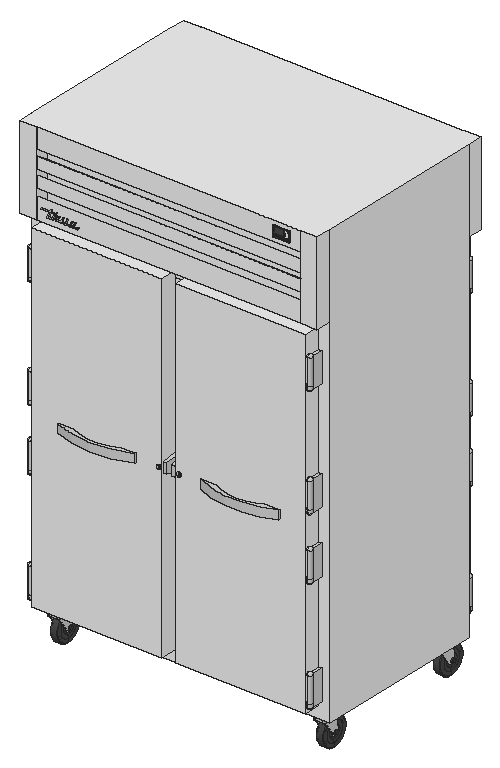
Revit family
Parameters
  Weight in Pounds = 0
  Watts = 3000 W
  Volts = 208 V
  URL Cutsheet = "www.truemfg.com"
  URL = "www.truemfg.com"
  Type Mark [instance] = ""
  Type Comments = ""
  Status [instance] = ""
  Specification by User [instance] = ""
  Specification by Manufacturer = ""
  Show Seismic Flanged [instance] = no
  Show Logo [instance] = yes
  Show Legs [instance] = no
  Show Clearance [instance] = yes
  Serial Number = ""
  Seismic Rating = ""
  Seismic Plate [instance] = and(Show Seismic Flanged, not(Show Casters))  # no
  SMACNA No = ""
  Revision Code [instance] = ""
  Phase = 1
  Omniclass Number and Title = ""
  Number of Poles [instance] = 1
  NAFEM Spec ID Number = ""
  Model = "STR2HPT-2S-2S"
  Min Ckt Ampacity = 0 A
  Max Overcurrent Protection = 0 A
  Masterspec = ""
  Manufacturer = "TRUE FOOD SERVICE EQUIPMENT, INC."
  Length = 52 5/8"
  Legs [instance] = or(Show Legs, Show Seismic Flanged)  # no
  Item Number [instance] = ""
  Installed By [instance] = ""
  Identify Quantity as Lot [instance] = yes
  Height = 77 3/4"
  HP = ""
  Furnished By [instance] = ""
  Foodservice Equipment Identifier [instance] = yes
  FL Amps = Watts / Volts  # 14.4231 A
  Electrical Remarks [instance] = ""
  Electric Connection Type [instance] = ""
  Elec Conn RI Height [instance] = 0"
  Elec Conn Connection Height [instance] = 0"
  Description = "Pass-thru Solid Front/Solid Rear Swing Doors Heated Cabinet"
  Depth = 36 1/8"
  Cycle = 60 Hz
  Conn Plug = "6-15P"
  Conn Conduit = yes
  Show Casters [instance] = and(not(if(Show Legs, Show Legs, Show Legs)), not(if(Show Legs, Show Legs, Show Seismic Flanged)))  # yes
  CSI MasterFormat = ""
  CSI Master Format = ""
  Assembly Code = ""
  Apparent Power = if(Phase = 3, Volts * FL Amps * 1.73, Volts * FL Amps)  # 3000 VA
Reference planes (in)
  plane 1 "BACK": y = 0
  plane 2: z = 0
  plane 3 "LEFT": x = 0
  plane 4 "RIGHT": x = 52.625
  plane 5 "FRONT": y = -36.125
  plane 6 "TOP": z = 84.125
  plane 7: z = 6.125
  plane 8: x = 26.3125
  plane 9: x = 3
  plane 10: x = 49.9375
  plane 11: y = -36.0792
  plane 12: x = 26.3125
  plane 13: y = -0.0458
  plane 14: y = -18.0625
Forms (in)
  Extrusion 1, solid, material "QF_Finishes_Chrome - Satin"
    sketch origin (0.05, 0, 0) x (1, 0, 0) y (0, 1, 0)
      loop
        line (-0.05, -2.75) -> (-0.05, -33.375) -> (2.35625, -33.375) -> (2.35625, -2.75) -> (-0.05, -2.75)
    from 6.125 to 84.125
  Extrusion 2, solid, material "QF_Finishes_Chrome - Satin"
    sketch origin (50.15, 0, 0) x (1, 0, 0) y (0, 1, 0)
      loop
        line (0.225, -2.75) -> (0.225, -33.375) -> (2.475, -33.375) -> (2.475, -2.75) -> (0.225, -2.75)
    from 6.125 to 84.125
  Extrusion 3, solid, material "QF_Finishes_Chrome - Satin"
    sketch origin (0, 0, 0) x (0, 1, 0) y (0, 0, 1)
      loop
        line (-36.0792, 69.5) -> (-33.375, 69.5) -> (-33.375, 66.96875) -> (-2.75, 66.96875) -> (-2.75, 69.5) -> (-0.0458, 69.5) -> (-0.0458, 73.19226) -> (-2.25, 71.625) -> (-2.25, 72.90057) -> (-0.0458, 74.46784) -> (-0.0458, 76.56404) -> (-2.25, 74.99678) -> (-2.25, 75.95754) -> (-0.0458, 77.5248) -> (-0.0458, 79.65851) -> (-2.25, 78.09125) -> (-2.25, 79.21352) -> (-0.0458, 80.78078) -> (-0.0458, 84.125) -> (-36.0792, 84.125) -> (-36.0792, 80.78078) -> (-33.875, 79.21352) -> (-33.875, 78.09125) -> (-36.0792, 79.65851) -> (-36.0792, 77.5248) -> (-33.875, 75.95754) -> (-33.875, 74.99678) -> (-36.0792, 76.56404) -> (-36.0792, 74.46784) -> (-33.875, 72.90057) -> (-33.875, 71.625) -> (-36.0792, 73.19226) -> (-36.0792, 69.5)
      loop
        line (-33.375, 6.125) -> (-2.75, 6.125) -> (-2.75, 9.03125) -> (-33.375, 9.03125) -> (-33.375, 6.125)
    from 2.25 to 50.375
  Extrusion 4, solid, material "QF_Finishes_Chrome - Satin"
    sketch origin (0, 0, 0) x (1, 0, 0) y (0, 1, 0)
      loop
        line (52.54687, -33.375) -> (49.66032, -33.375) -> (49.66032, -36.125) -> (52.54687, -36.125) -> (52.54687, -33.375)
      loop
        line (52.54687, -2.75) -> (52.54687, 0) -> (49.66032, 0) -> (49.66032, -2.75) -> (52.54687, -2.75)
    from 69.5 to 84.125
  Extrusion 5, solid, material "QF_Finishes_Chrome - Satin"
    sketch origin (-50.125, 0, 0.25) x (1, 0, 0) y (0, 1, 0)
      loop
        line (53.20984, -33.375) -> (50.20312, -33.375) -> (50.20312, -36.125) -> (53.20984, -36.125) -> (53.20984, -33.375)
      loop
        line (53.20984, -2.75) -> (53.20984, 0) -> (50.20312, 0) -> (50.20312, -2.75) -> (53.20984, -2.75)
    from 69.25 to 83.875
  Extrusion 6, solid, material "QF_Finishes_Handrails and Railings"
    sketch origin (1.875, -2.375, -2) x (1, 0, 0) y (0, 0, 1)
      loop
        circle (22.76563, 40.0625) r 0.35
      loop
        line (22.73047, 40.33635) -> (22.73047, 39.76895) -> (22.78597, 39.76895) -> (22.78597, 40.33635) -> (22.73047, 40.33635)
      loop
        circle (26.3125, 40.0625) r 0.35
      loop
        line (26.34765, 40.33635) -> (26.29215, 40.33635) -> (26.29215, 39.76895) -> (26.34765, 39.76895) -> (26.34765, 40.33635)
    from 33.5 to 33.83066
  Extrusion 7, solid, material "QF_Finishes_Handrails and Railings", visible <- "Show Logo"
    sketch origin (0.33478, -1.29327, -6.73143) x (1, 0, 0) y (0, 0, 1)
      loop
        line (3.61669, 78.46231) -> (3.51103, 78.23573) -> (4.91652, 78.23573)
        arc (4.91652, 78.23573) -> (4.94504, 78.18528) -> (4.91652, 78.13484) r 0.05887
        line (4.91652, 78.13484) -> (4.54994, 77.34872)
        arc (4.54994, 77.34872) -> (4.54676, 77.27591) -> (4.596, 77.22217) r 0.09523
        line (4.596, 77.22217) -> (5.49469, 77.22217)
        arc (5.49469, 77.22217) -> (5.60817, 77.25795) -> (5.68061, 77.35235) r 0.19785
        line (5.68061, 77.35235) -> (5.9691, 77.97101) -> (6.23415, 77.97101)
        arc (6.23415, 77.97101) -> (6.30369, 77.94543) -> (6.29362, 77.87203) r 0.05911
        line (6.29362, 77.87203) -> (6.05223, 77.35437)
        arc (6.05223, 77.35437) -> (6.05599, 77.2684) -> (6.12856, 77.22217) r 0.09318
        line (6.12856, 77.22217) -> (6.91823, 77.22217)
        arc (6.91823, 77.22217) -> (6.97874, 77.24419) -> (7.01093, 77.29995) r 0.09412
        arc (7.01093, 77.29995) -> (7.03371, 77.24495) -> (7.08871, 77.22217) r 0.07778
        line (7.08871, 77.22217) -> (7.58871, 77.22217)
        arc (7.58871, 77.22217) -> (7.64647, 77.23765) -> (7.68876, 77.27993) r 0.11552
        arc (7.68876, 77.27993) -> (7.709, 77.23106) -> (7.75787, 77.21081) r 0.06912
        line (7.75787, 77.21081) -> (8.4685, 77.21081)
        arc (8.4685, 77.21081) -> (8.52659, 77.23488) -> (8.55066, 77.29297) r 0.08216
        arc (8.55066, 77.29297) -> (8.60392, 77.23972) -> (8.67667, 77.22022) r 0.14551
        line (8.67667, 77.22022) -> (10.00783, 77.22022) -> (10.15571, 77.47634) -> (8.81303, 77.47634)
        arc (8.81303, 77.47634) -> (8.77597, 77.50204) -> (8.77459, 77.54711) r 0.05009
        line (8.77459, 77.54711) -> (8.79782, 77.59692)
        arc (8.79782, 77.59692) -> (8.83348, 77.64364) -> (8.88952, 77.66135) r 0.09747
        line (8.88952, 77.66135) -> (9.3211, 77.66135)
        arc (9.3211, 77.66135) -> (9.41425, 77.68631) -> (9.48244, 77.7545) r 0.1863
        line (9.48244, 77.7545) -> (9.60744, 77.97101)
        arc (9.60744, 77.97101) -> (9.60744, 78.08657) -> (9.50736, 78.14434) r 0.11556
        line (9.50736, 78.14434) -> (9.05187, 78.14434)
        arc (9.05187, 78.14434) -> (8.93575, 78.12462) -> (8.85474, 78.03912) r 0.18605
        line (8.85474, 78.03912) -> (8.63829, 77.57493)
        arc (8.63829, 77.57493) -> (8.5744, 77.49167) -> (8.47431, 77.46011) r 0.1745
        line (8.47431, 77.46011) -> (8.00184, 77.46011)
        arc (8.00184, 77.46011) -> (7.94528, 77.52184) -> (7.94893, 77.60548) r 0.10939
        line (7.94893, 77.60548) -> (8.2002, 78.14434) -> (8.04028, 78.14434) -> (7.77406, 77.57344)
        arc (7.77406, 77.57344) -> (7.72234, 77.50603) -> (7.6413, 77.48048) r 0.14128
        line (7.6413, 77.48048) -> (7.3155, 77.48048)
        arc (7.3155, 77.48048) -> (7.26044, 77.55223) -> (7.27225, 77.64189) r 0.11816
        line (7.27225, 77.64189) -> (7.50655, 78.14434) -> (7.34139, 78.14434) -> (7.07171, 77.566)
        arc (7.07171, 77.566) -> (7.0091, 77.50339) -> (6.92358, 77.48048) r 0.17104
        line (6.92358, 77.48048) -> (6.4518, 77.48048)
        arc (6.4518, 77.48048) -> (6.36707, 77.51999) -> (6.35892, 77.61313) r 0.0935
        line (6.35892, 77.61313) -> (6.51399, 77.94569) -> (6.7332, 77.94569)
        arc (6.7332, 77.94569) -> (6.7702, 78.05717) -> (6.84892, 78.14434) r 0.2857
        line (6.84892, 78.14434) -> (5.9923, 78.14434)
        arc (5.9923, 78.14434) -> (5.89711, 78.12324) -> (5.83123, 78.05135) r 0.16212
        line (5.83123, 78.05135) -> (5.59904, 77.55341)
        arc (5.59904, 77.55341) -> (5.54565, 77.50002) -> (5.47272, 77.48048) r 0.14586
        line (5.47272, 77.48048) -> (4.96131, 77.48048)
        arc (4.96131, 77.48048) -> (4.92139, 77.53442) -> (4.92899, 77.60109) r 0.09155
        line (4.92899, 77.60109) -> (5.26643, 78.23573) -> (6.1178, 78.23573) -> (6.22346, 78.46231) -> (5.37209, 78.46231) -> (5.47774, 78.68888) -> (5.17487, 78.68888) -> (5.06922, 78.46231) -> (3.61669, 78.46231)
      loop
        arc (8.9943, 77.93863) -> (8.95744, 77.92875) -> (8.93045, 77.90176) r 0.07373
        line (8.93045, 77.90176) -> (8.90854, 77.83436)
        arc (8.90854, 77.83436) -> (8.9187, 77.80983) -> (8.94324, 77.79966) r 0.0347
        line (8.94324, 77.79966) -> (9.31573, 77.79966)
        arc (9.31573, 77.79966) -> (9.34257, 77.80561) -> (9.36437, 77.82234) r 0.0635
        line (9.36437, 77.82234) -> (9.38249, 77.90622)
        arc (9.38249, 77.90622) -> (9.37716, 77.92868) -> (9.35634, 77.93863) r 0.02676
        line (9.35634, 77.93863) -> (8.9943, 77.93863)
    from 34.76797 to 34.83173
  Extrusion 8, solid
    sketch origin (0, 0, 0) x (1, 0, 0) y (0, 0, 1)
      loop
        circle (49.53125, 82) r 0.25
    from 0 to 0.0625
  Blend 9, solid, material "QF_Finishes_Handrails and Railings"
    base sketch origin (-0.14063, -2.375, 0) x (1, 0, 0) y (0, 0, 1)
      loop
        line (25.32813, 38.99169) -> (25.32813, 37.24169) -> (26.07813, 37.24169) -> (26.07813, 38.99169) -> (25.32813, 38.99169)
    top sketch origin (-0.14063, 0, 0) x (1, 0, 0) y (0, 0, 1)
      loop
        line (26.26036, 36.6441) -> (26.26036, 39.42643) -> (25.32813, 39.42643) -> (25.32813, 36.6441) -> (26.26036, 36.6441)
    from 33.57883 to 33.375
  Blend 10, solid, material "QF_Finishes_Handrails and Railings"
    base sketch origin (52.84375, -2.375, 0) x (-1, 0, 0) y (0, 0, -1)
      loop
        line (25.25, -38.99169) -> (26, -38.99169) -> (26, -37.24169) -> (25.25, -37.24169) -> (25.25, -38.99169)
    top sketch origin (52.84375, 0, 0) x (-1, 0, 0) y (0, 0, -1)
      loop
        line (26.18223, -36.6441) -> (25.25, -36.6441) -> (25.25, -39.42643) -> (26.18223, -39.42643) -> (26.18223, -36.6441)
    from 33.57883 to 33.375
  Extrusion 11, solid, material "QF_Finishes_Handrails and Railings"
    sketch origin (1.09375, 0, 0) x (0, 1, 0) y (0, 0, 1)
      loop
        line (-33.375, 64.55229) -> (-34.98544, 64.55229)
        arc (-34.98544, 64.55229) -> (-35.13006, 64.49238) -> (-35.18997, 64.34776) r 0.20453
        line (-35.18997, 64.34776) -> (-35.18997, 59.94848) -> (-35.625, 59.94848) -> (-35.625, 59.23627) -> (-33.375, 59.23627) -> (-33.375, 64.55229)
    from 0.17506 to 1
  Revolve 12, solid, material "QF_Finishes_Handrails and Railings"
    sketch origin (1.59375, 0, 0) x (0, 1, 0) y (0, 0, 1)
      loop
        line (-35.64063, 60.00189) -> (-35.64063, 64.81483)
        arc (-35.64063, 64.81483) -> (-35.91222, 64.72557) -> (-36.04729, 64.4736) r 0.3848
        line (-36.04729, 64.4736) -> (-36.04729, 60.00189) -> (-35.64063, 60.00189)
      loop
        line (-35.64063, 59.94848) -> (-36.04729, 59.94848) -> (-36.04729, 59.37712)
        arc (-36.04729, 59.37712) -> (-35.90764, 59.13383) -> (-35.64063, 59.04781) r 0.38884
        line (-35.64063, 59.04781) -> (-35.64063, 59.94848)
      axis (-35.64063, 59.04781) -> (-35.64063, 64.81483)
    angle from 0 to 360
  Extrusion 13, solid, material "QF_Finishes_Handrails and Railings"
    sketch origin (-0.21875, -2.375, 0) x (1, 0, 0) y (0, 0, 1)
      loop
        line (2.07116, 64.4736) -> (2.07116, 60.00079) -> (2.46875, 60.00079) -> (2.46875, 64.4736) -> (2.07116, 64.4736)
    from 32.81497 to 33.59495
  Extrusion 14, solid, material "QF_Finishes_Handrails and Railings"
    sketch origin (1.09375, 0, -19.5) x (0, 1, 0) y (0, 0, 1)
      loop
        line (-33.375, 64.55229) -> (-34.98544, 64.55229)
        arc (-34.98544, 64.55229) -> (-35.13006, 64.49238) -> (-35.18997, 64.34776) r 0.20453
        line (-35.18997, 64.34776) -> (-35.18997, 59.94848) -> (-35.625, 59.94848) -> (-35.625, 59.23627) -> (-33.375, 59.23627) -> (-33.375, 64.55229)
    from 0.17506 to 1
  Revolve 15, solid, material "QF_Finishes_Handrails and Railings"
    sketch origin (1.59375, 0, -19.5) x (0, 1, 0) y (0, 0, 1)
      loop
        line (-35.64063, 60.00189) -> (-35.64063, 64.81483)
        arc (-35.64063, 64.81483) -> (-35.91222, 64.72557) -> (-36.04729, 64.4736) r 0.3848
        line (-36.04729, 64.4736) -> (-36.04729, 60.00189) -> (-35.64063, 60.00189)
      loop
        line (-35.64063, 59.94848) -> (-36.04729, 59.94848) -> (-36.04729, 59.37712)
        arc (-36.04729, 59.37712) -> (-35.90764, 59.13383) -> (-35.64063, 59.04781) r 0.38884
        line (-35.64063, 59.04781) -> (-35.64063, 59.94848)
      axis (-35.64063, 59.04781) -> (-35.64063, 64.81483)
    angle from 0 to 360
  Extrusion 16, solid, material "QF_Finishes_Handrails and Railings"
    sketch origin (-0.21875, -2.375, -19.5) x (1, 0, 0) y (0, 0, 1)
      loop
        line (2.07116, 64.4736) -> (2.07116, 60.00079) -> (2.46875, 60.00079) -> (2.46875, 64.4736) -> (2.07116, 64.4736)
    from 32.81497 to 33.59495
  Extrusion 17, solid, material "QF_Finishes_Handrails and Railings"
    sketch origin (1.09375, 0, -30.5) x (0, 1, 0) y (0, 0, 1)
      loop
        line (-33.375, 64.55229) -> (-34.98544, 64.55229)
        arc (-34.98544, 64.55229) -> (-35.13006, 64.49238) -> (-35.18997, 64.34776) r 0.20453
        line (-35.18997, 64.34776) -> (-35.18997, 59.94848) -> (-35.625, 59.94848) -> (-35.625, 59.23627) -> (-33.375, 59.23627) -> (-33.375, 64.55229)
    from 0.17506 to 1
  Revolve 18, solid, material "QF_Finishes_Handrails and Railings"
    sketch origin (1.59375, 0, -30.5) x (0, 1, 0) y (0, 0, 1)
      loop
        line (-35.64063, 60.00189) -> (-35.64063, 64.81483)
        arc (-35.64063, 64.81483) -> (-35.91222, 64.72557) -> (-36.04729, 64.4736) r 0.3848
        line (-36.04729, 64.4736) -> (-36.04729, 60.00189) -> (-35.64063, 60.00189)
      loop
        line (-35.64063, 59.94848) -> (-36.04729, 59.94848) -> (-36.04729, 59.37712)
        arc (-36.04729, 59.37712) -> (-35.90764, 59.13383) -> (-35.64063, 59.04781) r 0.38884
        line (-35.64063, 59.04781) -> (-35.64063, 59.94848)
      axis (-35.64063, 59.04781) -> (-35.64063, 64.81483)
    angle from 0 to 360
  Extrusion 19, solid, material "QF_Finishes_Handrails and Railings"
    sketch origin (-0.21875, -2.375, -30.5) x (1, 0, 0) y (0, 0, 1)
      loop
        line (2.07116, 64.4736) -> (2.07116, 60.00079) -> (2.46875, 60.00079) -> (2.46875, 64.4736) -> (2.07116, 64.4736)
    from 32.81497 to 33.59495
  Extrusion 20, solid, material "QF_Finishes_Handrails and Railings"
    sketch origin (1.09375, 0, -50.25) x (0, 1, 0) y (0, 0, 1)
      loop
        line (-33.375, 64.55229) -> (-34.98544, 64.55229)
        arc (-34.98544, 64.55229) -> (-35.13006, 64.49238) -> (-35.18997, 64.34776) r 0.20453
        line (-35.18997, 64.34776) -> (-35.18997, 59.94848) -> (-35.625, 59.94848) -> (-35.625, 59.23627) -> (-33.375, 59.23627) -> (-33.375, 64.55229)
    from 0.17506 to 1
  Revolve 21, solid, material "QF_Finishes_Handrails and Railings"
    sketch origin (1.59375, 0, -50.25) x (0, 1, 0) y (0, 0, 1)
      loop
        line (-35.64063, 60.00189) -> (-35.64063, 64.81483)
        arc (-35.64063, 64.81483) -> (-35.91222, 64.72557) -> (-36.04729, 64.4736) r 0.3848
        line (-36.04729, 64.4736) -> (-36.04729, 60.00189) -> (-35.64063, 60.00189)
      loop
        line (-35.64063, 59.94848) -> (-36.04729, 59.94848) -> (-36.04729, 59.37712)
        arc (-36.04729, 59.37712) -> (-35.90764, 59.13383) -> (-35.64063, 59.04781) r 0.38884
        line (-35.64063, 59.04781) -> (-35.64063, 59.94848)
      axis (-35.64063, 59.04781) -> (-35.64063, 64.81483)
    angle from 0 to 360
  Extrusion 22, solid, material "QF_Finishes_Handrails and Railings"
    sketch origin (-0.21875, -2.375, -50.25) x (1, 0, 0) y (0, 0, 1)
      loop
        line (2.07116, 64.4736) -> (2.07116, 60.00079) -> (2.46875, 60.00079) -> (2.46875, 64.4736) -> (2.07116, 64.4736)
    from 32.81497 to 33.59495
  Extrusion 23, solid, material "QF_Finishes_Handrails and Railings"
    sketch origin (51.375, 0, 0) x (0, 1, 0) y (0, 0, -1)
      loop
        line (-33.375, -64.55229) -> (-33.375, -59.23627) -> (-35.625, -59.23627) -> (-35.625, -59.94848) -> (-35.18997, -59.94848) -> (-35.18997, -64.34776)
        arc (-35.18997, -64.34776) -> (-35.13006, -64.49238) -> (-34.98544, -64.55229) r 0.20453
        line (-34.98544, -64.55229) -> (-33.375, -64.55229)
    from 0.17506 to 1
  Revolve 24, solid, material "QF_Finishes_Handrails and Railings"
    sketch origin (50.875, 0, 0) x (0, 1, 0) y (0, 0, -1)
      loop
        line (-35.64063, -60.00189) -> (-36.04729, -60.00189) -> (-36.04729, -64.4736)
        arc (-36.04729, -64.4736) -> (-35.91222, -64.72557) -> (-35.64063, -64.81483) r 0.3848
        line (-35.64063, -64.81483) -> (-35.64063, -60.00189)
      loop
        line (-35.64063, -59.94848) -> (-35.64063, -59.04781)
        arc (-35.64063, -59.04781) -> (-35.90764, -59.13383) -> (-36.04729, -59.37712) r 0.38884
        line (-36.04729, -59.37712) -> (-36.04729, -59.94848) -> (-35.64063, -59.94848)
      axis (-35.64063, -59.04781) -> (-35.64063, -64.81483)
    angle from 0 to 360
  Extrusion 25, solid, material "QF_Finishes_Handrails and Railings"
    sketch origin (52.6875, -2.375, 0) x (-1, 0, 0) y (0, 0, -1)
      loop
        line (1.75866, -64.4736) -> (2.15625, -64.4736) -> (2.15625, -60.00079) -> (1.75866, -60.00079) -> (1.75866, -64.4736)
    from 32.81497 to 33.59495
  Extrusion 26, solid, material "QF_Finishes_Handrails and Railings"
    sketch origin (51.375, 0, -19.5) x (0, 1, 0) y (0, 0, -1)
      loop
        line (-33.375, -64.55229) -> (-33.375, -59.23627) -> (-35.625, -59.23627) -> (-35.625, -59.94848) -> (-35.18997, -59.94848) -> (-35.18997, -64.34776)
        arc (-35.18997, -64.34776) -> (-35.13006, -64.49238) -> (-34.98544, -64.55229) r 0.20453
        line (-34.98544, -64.55229) -> (-33.375, -64.55229)
    from 0.17506 to 1
  Revolve 27, solid, material "QF_Finishes_Handrails and Railings"
    sketch origin (50.875, 0, -19.5) x (0, 1, 0) y (0, 0, -1)
      loop
        line (-35.64063, -60.00189) -> (-36.04729, -60.00189) -> (-36.04729, -64.4736)
        arc (-36.04729, -64.4736) -> (-35.91222, -64.72557) -> (-35.64063, -64.81483) r 0.3848
        line (-35.64063, -64.81483) -> (-35.64063, -60.00189)
      loop
        line (-35.64063, -59.94848) -> (-35.64063, -59.04781)
        arc (-35.64063, -59.04781) -> (-35.90764, -59.13383) -> (-36.04729, -59.37712) r 0.38884
        line (-36.04729, -59.37712) -> (-36.04729, -59.94848) -> (-35.64063, -59.94848)
      axis (-35.64063, -59.04781) -> (-35.64063, -64.81483)
    angle from 0 to 360
  Extrusion 28, solid, material "QF_Finishes_Handrails and Railings"
    sketch origin (52.6875, -2.375, -19.5) x (-1, 0, 0) y (0, 0, -1)
      loop
        line (1.75866, -64.4736) -> (2.15625, -64.4736) -> (2.15625, -60.00079) -> (1.75866, -60.00079) -> (1.75866, -64.4736)
    from 32.81497 to 33.59495
  Extrusion 29, solid, material "QF_Finishes_Handrails and Railings"
    sketch origin (51.375, 0, -30.5) x (0, 1, 0) y (0, 0, -1)
      loop
        line (-33.375, -64.55229) -> (-33.375, -59.23627) -> (-35.625, -59.23627) -> (-35.625, -59.94848) -> (-35.18997, -59.94848) -> (-35.18997, -64.34776)
        arc (-35.18997, -64.34776) -> (-35.13006, -64.49238) -> (-34.98544, -64.55229) r 0.20453
        line (-34.98544, -64.55229) -> (-33.375, -64.55229)
    from 0.17506 to 1
  Revolve 30, solid, material "QF_Finishes_Handrails and Railings"
    sketch origin (50.875, 0, -30.5) x (0, 1, 0) y (0, 0, -1)
      loop
        line (-35.64063, -60.00189) -> (-36.04729, -60.00189) -> (-36.04729, -64.4736)
        arc (-36.04729, -64.4736) -> (-35.91222, -64.72557) -> (-35.64063, -64.81483) r 0.3848
        line (-35.64063, -64.81483) -> (-35.64063, -60.00189)
      loop
        line (-35.64063, -59.94848) -> (-35.64063, -59.04781)
        arc (-35.64063, -59.04781) -> (-35.90764, -59.13383) -> (-36.04729, -59.37712) r 0.38884
        line (-36.04729, -59.37712) -> (-36.04729, -59.94848) -> (-35.64063, -59.94848)
      axis (-35.64063, -59.04781) -> (-35.64063, -64.81483)
    angle from 0 to 360
  Extrusion 31, solid, material "QF_Finishes_Handrails and Railings"
    sketch origin (52.6875, -2.375, -30.5) x (-1, 0, 0) y (0, 0, -1)
      loop
        line (1.75866, -64.4736) -> (2.15625, -64.4736) -> (2.15625, -60.00079) -> (1.75866, -60.00079) -> (1.75866, -64.4736)
    from 32.81497 to 33.59495
  Extrusion 32, solid, material "QF_Finishes_Handrails and Railings"
    sketch origin (51.375, 0, -50.25) x (0, 1, 0) y (0, 0, -1)
      loop
        line (-33.375, -64.55229) -> (-33.375, -59.23627) -> (-35.625, -59.23627) -> (-35.625, -59.94848) -> (-35.18997, -59.94848) -> (-35.18997, -64.34776)
        arc (-35.18997, -64.34776) -> (-35.13006, -64.49238) -> (-34.98544, -64.55229) r 0.20453
        line (-34.98544, -64.55229) -> (-33.375, -64.55229)
    from 0.17506 to 1
  Revolve 33, solid, material "QF_Finishes_Handrails and Railings"
    sketch origin (50.875, 0, -50.25) x (0, 1, 0) y (0, 0, -1)
      loop
        line (-35.64063, -60.00189) -> (-36.04729, -60.00189) -> (-36.04729, -64.4736)
        arc (-36.04729, -64.4736) -> (-35.91222, -64.72557) -> (-35.64063, -64.81483) r 0.3848
        line (-35.64063, -64.81483) -> (-35.64063, -60.00189)
      loop
        line (-35.64063, -59.94848) -> (-35.64063, -59.04781)
        arc (-35.64063, -59.04781) -> (-35.90764, -59.13383) -> (-36.04729, -59.37712) r 0.38884
        line (-36.04729, -59.37712) -> (-36.04729, -59.94848) -> (-35.64063, -59.94848)
      axis (-35.64063, -59.04781) -> (-35.64063, -64.81483)
    angle from 0 to 360
  Extrusion 34, solid, material "QF_Finishes_Handrails and Railings"
    sketch origin (52.6875, -2.375, -50.25) x (-1, 0, 0) y (0, 0, -1)
      loop
        line (1.75866, -64.4736) -> (2.15625, -64.4736) -> (2.15625, -60.00079) -> (1.75866, -60.00079) -> (1.75866, -64.4736)
    from 32.81497 to 33.59495
  Revolve 35, solid, material "QF_Finishes_Black", visible <- "Show Casters"
    sketch origin (47.78125, -29.75, 0) x (1, 0, 0) y (0, 0, 1)
      loop
        line (1.63125, 5) -> (1.53125, 4.9) -> (1.53125, 4.29941) -> (1.69226, 4.29941) -> (1.69226, 3.54941) -> (1.53125, 3.54941) -> (1.53125, 2.79941) -> (1.13125, 2.79941) -> (1.13125, 2.5) -> (3.18125, 2.5) -> (3.18125, 2.79941) -> (2.78533, 2.79941) -> (2.78533, 3.54941) -> (2.62024, 3.54941) -> (2.62024, 4.29941) -> (2.78533, 4.29941) -> (2.78533, 4.89592) -> (2.68125, 5) -> (1.63125, 5)
      axis (3.18125, 2.5) -> (1.13125, 2.5)
    angle from 0 to 360
  Extrusion 36, solid, material "QF_Finishes_Handrails and Railings", visible <- "Show Casters"
    sketch origin (47.78125, 0, 0) x (0, 1, 0) y (0, 0, 1)
      loop
        line (-32.32636, 5.48574) -> (-32.32636, 4.88089) -> (-32.07636, 4.88089) -> (-30.32716, 2.18736)
        arc (-30.32716, 2.18736) -> (-29.61383, 1.94868) -> (-29.22081, 2.59003) r 0.60416
        line (-29.22081, 2.59003) -> (-29.57636, 5.48574) -> (-32.32636, 5.48574)
      loop
        line (-6.6077, 5.48574) -> (-6.6077, 4.88089) -> (-6.3577, 4.88089) -> (-4.6085, 2.18736)
        arc (-4.6085, 2.18736) -> (-3.89517, 1.94868) -> (-3.50215, 2.59003) r 0.60416
        line (-3.50215, 2.59003) -> (-3.8577, 5.48574) -> (-6.6077, 5.48574)
    from 1.175 to 1.325
  Extrusion 37, solid, material "QF_Finishes_Handrails and Railings", visible <- "Show Casters"
    sketch origin (49.28125, 0, 0) x (0, 1, 0) y (0, 0, 1)
      loop
        line (-32.32636, 5.48574) -> (-32.32636, 4.88089) -> (-32.07636, 4.88089) -> (-30.32716, 2.18736)
        arc (-30.32716, 2.18736) -> (-29.61383, 1.94868) -> (-29.22081, 2.59003) r 0.60416
        line (-29.22081, 2.59003) -> (-29.57636, 5.48574) -> (-32.32636, 5.48574)
      loop
        line (-6.6077, 5.48574) -> (-6.6077, 4.88089) -> (-6.3577, 4.88089) -> (-4.6085, 2.18736)
        arc (-4.6085, 2.18736) -> (-3.89517, 1.94868) -> (-3.50215, 2.59003) r 0.60416
        line (-3.50215, 2.59003) -> (-3.8577, 5.48574) -> (-6.6077, 5.48574)
    from 1.175 to 1.325
  Revolve 38, solid, material "QF_Finishes_Chrome - Satin", visible <- "Show Casters"
    sketch origin (47.78125, -30.9375, -0.5) x (1, 0, 0) y (0, 0, 1)
      loop
        line (2.15625, 5.99546) -> (2.15625, 6.62359) -> (0.85918, 6.62359) -> (0.85918, 5.99546) -> (2.15625, 5.99546)
      axis (2.15625, 5.99546) -> (2.15625, 6.62359)
    angle from 0 to 360
  Revolve 39, solid, material "QF_Finishes_Chrome - Satin", visible <- "Legs"
    sketch origin (47.78125, -5.44102, 0) x (1, 0, 0) y (0, 0, 1)
      loop
        line (2.15625, 6.125) -> (0.82287, 6.125) -> (1.40625, 1) -> (1.65625, 1) -> (1.65625, 0) -> (2.15625, 0) -> (2.15625, 6.125)
      axis (2.15625, 0) -> (2.15625, 6.125)
    angle from 0 to 360
  Revolve 40, solid, material "QF_Finishes_Chrome - Satin", visible <- "Legs"
    sketch origin (47.78125, -31.03477, 0) x (1, 0, 0) y (0, 0, 1)
      loop
        line (2.15625, 6.125) -> (0.82287, 6.125) -> (1.40625, 1) -> (1.65625, 1) -> (1.65625, 0) -> (2.15625, 0) -> (2.15625, 6.125)
      axis (2.15625, 0) -> (2.15625, 6.125)
    angle from 0 to 360
  Revolve 41, solid, material "QF_Finishes_Chrome - Satin", visible <- "Show Casters"
    sketch origin (47.78125, -5.45321, -0.5) x (1, 0, 0) y (0, 0, 1)
      loop
        line (2.15625, 5.99546) -> (2.15625, 6.62359) -> (0.85918, 6.62359) -> (0.85918, 5.99546) -> (2.15625, 5.99546)
      axis (2.15625, 5.99546) -> (2.15625, 6.62359)
    angle from 0 to 360
  Extrusion 42, solid, material "QF_Finishes_Handrails and Railings", visible <- "Show Casters"
    sketch origin (0, 0, 0) x (0, 1, 0) y (0, 0, 1)
      loop
        line (-32.32636, 5.48574) -> (-32.32636, 4.88089) -> (-32.07636, 4.88089) -> (-29.54033, 5.19227) -> (-29.57636, 5.48574) -> (-32.32636, 5.48574)
      loop
        line (-6.6077, 5.48574) -> (-6.6077, 4.88089) -> (-6.3577, 4.88089) -> (-3.82167, 5.19227) -> (-3.8577, 5.48574) -> (-6.6077, 5.48574)
    from 49.10625 to 50.45625
  Revolve 43, solid, material "QF_Finishes_Black", visible <- "Show Casters"
    sketch origin (47.78125, -3.96875, 0) x (1, 0, 0) y (0, 0, 1)
      loop
        line (1.63125, 5) -> (1.53125, 4.9) -> (1.53125, 4.29941) -> (1.69226, 4.29941) -> (1.69226, 3.54941) -> (1.53125, 3.54941) -> (1.53125, 2.79941) -> (1.13125, 2.79941) -> (1.13125, 2.5) -> (3.18125, 2.5) -> (3.18125, 2.79941) -> (2.78533, 2.79941) -> (2.78533, 3.54941) -> (2.62024, 3.54941) -> (2.62024, 4.29941) -> (2.78533, 4.29941) -> (2.78533, 4.89592) -> (2.68125, 5) -> (1.63125, 5)
      axis (3.18125, 2.5) -> (1.13125, 2.5)
    angle from 0 to 360
  Revolve 44, solid, material "QF_Finishes_Black", visible <- "Show Casters"
    sketch origin (0.84375, -29.75, 0) x (1, 0, 0) y (0, 0, 1)
      loop
        line (1.63125, 5) -> (1.53125, 4.9) -> (1.53125, 4.29941) -> (1.69226, 4.29941) -> (1.69226, 3.54941) -> (1.53125, 3.54941) -> (1.53125, 2.79941) -> (0.975, 2.79941) -> (0.975, 2.5) -> (3.18125, 2.5) -> (3.18125, 2.79941) -> (2.78533, 2.79941) -> (2.78533, 3.54941) -> (2.62024, 3.54941) -> (2.62024, 4.29941) -> (2.78533, 4.29941) -> (2.78533, 4.89592) -> (2.68125, 5) -> (1.63125, 5)
      axis (3.18125, 2.5) -> (0.975, 2.5)
    angle from 0 to 360
  Extrusion 45, solid, material "QF_Finishes_Handrails and Railings", visible <- "Show Casters"
    sketch origin (0.84375, 0, 0) x (0, 1, 0) y (0, 0, 1)
      loop
        line (-32.32636, 5.48574) -> (-32.32636, 4.88089) -> (-32.07636, 4.88089) -> (-30.32716, 2.18736)
        arc (-30.32716, 2.18736) -> (-29.61383, 1.94868) -> (-29.22081, 2.59003) r 0.60416
        line (-29.22081, 2.59003) -> (-29.57636, 5.48574) -> (-32.32636, 5.48574)
      loop
        line (-6.6077, 5.48574) -> (-6.6077, 4.88089) -> (-6.3577, 4.88089) -> (-4.6085, 2.18736)
        arc (-4.6085, 2.18736) -> (-3.89517, 1.94868) -> (-3.50215, 2.59003) r 0.60416
        line (-3.50215, 2.59003) -> (-3.8577, 5.48574) -> (-6.6077, 5.48574)
    from 1.175 to 1.325
  Extrusion 46, solid, material "QF_Finishes_Handrails and Railings", visible <- "Show Casters"
    sketch origin (2.34375, 0, 0) x (0, 1, 0) y (0, 0, 1)
      loop
        line (-32.32636, 5.48574) -> (-32.32636, 4.88089) -> (-32.07636, 4.88089) -> (-30.32716, 2.18736)
        arc (-30.32716, 2.18736) -> (-29.61383, 1.94868) -> (-29.22081, 2.59003) r 0.60416
        line (-29.22081, 2.59003) -> (-29.57636, 5.48574) -> (-32.32636, 5.48574)
      loop
        line (-6.6077, 5.48574) -> (-6.6077, 4.88089) -> (-6.3577, 4.88089) -> (-4.6085, 2.18736)
        arc (-4.6085, 2.18736) -> (-3.89517, 1.94868) -> (-3.50215, 2.59003) r 0.60416
        line (-3.50215, 2.59003) -> (-3.8577, 5.48574) -> (-6.6077, 5.48574)
    from 1.175 to 1.325
  Revolve 47, solid, material "QF_Finishes_Chrome - Satin", visible <- "Show Casters"
    sketch origin (0.84375, -30.9375, -0.5) x (1, 0, 0) y (0, 0, 1)
      loop
        line (2.15625, 5.99546) -> (2.15625, 6.62359) -> (0.85918, 6.62359) -> (0.85918, 5.99546) -> (2.15625, 5.99546)
      axis (2.15625, 5.99546) -> (2.15625, 6.62359)
    angle from 0 to 360
  Revolve 48, solid, material "QF_Finishes_Chrome - Satin", visible <- "Legs"
    sketch origin (0.84375, -5.44102, 0) x (1, 0, 0) y (0, 0, 1)
      loop
        line (2.15625, 6.125) -> (0.82287, 6.125) -> (1.40625, 1) -> (1.65625, 1) -> (1.65625, 0) -> (2.15625, 0) -> (2.15625, 6.125)
      axis (2.15625, 0) -> (2.15625, 6.125)
    angle from 0 to 360
  Revolve 49, solid, material "QF_Finishes_Chrome - Satin", visible <- "Legs"
    sketch origin (0.84375, -31.03477, 0) x (1, 0, 0) y (0, 0, 1)
      loop
        line (2.15625, 6.125) -> (0.82287, 6.125) -> (1.40625, 1) -> (1.65625, 1) -> (1.65625, 0) -> (2.15625, 0) -> (2.15625, 6.125)
      axis (2.15625, 0) -> (2.15625, 6.125)
    angle from 0 to 360
  Revolve 50, solid, material "QF_Finishes_Chrome - Satin", visible <- "Show Casters"
    sketch origin (0.84375, -5.45321, -0.5) x (1, 0, 0) y (0, 0, 1)
      loop
        line (2.15625, 5.99546) -> (2.15625, 6.62359) -> (0.85918, 6.62359) -> (0.85918, 5.99546) -> (2.15625, 5.99546)
      axis (2.15625, 5.99546) -> (2.15625, 6.62359)
    angle from 0 to 360
  Extrusion 51, solid, material "QF_Finishes_Handrails and Railings", visible <- "Show Casters"
    sketch origin (-46.9375, 0, 0) x (0, 1, 0) y (0, 0, 1)
      loop
        line (-32.32636, 5.48574) -> (-32.32636, 4.88089) -> (-32.07636, 4.88089) -> (-29.54033, 5.19227) -> (-29.57636, 5.48574) -> (-32.32636, 5.48574)
      loop
        line (-6.6077, 5.48574) -> (-6.6077, 4.88089) -> (-6.3577, 4.88089) -> (-3.82167, 5.19227) -> (-3.8577, 5.48574) -> (-6.6077, 5.48574)
    from 49.10625 to 50.45625
  Revolve 52, solid, material "QF_Finishes_Black", visible <- "Show Casters"
    sketch origin (0.84375, -3.96875, 0) x (1, 0, 0) y (0, 0, 1)
      loop
        line (1.63125, 5) -> (1.53125, 4.9) -> (1.53125, 4.29941) -> (1.69226, 4.29941) -> (1.69226, 3.54941) -> (1.53125, 3.54941) -> (1.53125, 2.79941) -> (0.975, 2.79941) -> (0.975, 2.5) -> (3.18125, 2.5) -> (3.18125, 2.79941) -> (2.78533, 2.79941) -> (2.78533, 3.54941) -> (2.62024, 3.54941) -> (2.62024, 4.29941) -> (2.78533, 4.29941) -> (2.78533, 4.89592) -> (2.68125, 5) -> (1.63125, 5)
      axis (3.18125, 2.5) -> (0.975, 2.5)
    angle from 0 to 360
  Extrusion 53, solid, material "QF_Finishes_White"
    sketch origin (1.49925, -1.31123, 1.58022) x (1, 0, 0) y (0, 0, 1)
      loop
        line (43.31732, 81.73227) -> (43.31732, 79.98496) -> (46.22357, 79.98496) -> (46.22357, 81.73227) -> (43.31732, 81.73227)
    from 34.75 to 34.76797
  Extrusion 54, solid, material "QF_Finishes_Black"
    sketch origin (1.49925, -1.31123, 1.58022) x (1, 0, 0) y (0, 0, 1)
      loop
        line (46.28607, 81.79477) -> (43.25482, 81.79477) -> (43.25482, 79.92246) -> (46.28607, 79.92246) -> (46.28607, 81.79477)
      loop
        spline (43.45482, 80.25372) -> (43.46333, 80.23754) -> (43.48831, 80.22247) -> (43.52804, 80.20952) -> (43.57982, 80.19959) -> (43.64011, 80.19335) -> (43.70482, 80.19122) -> (43.76952, 80.19335) -> (43.82982, 80.19959) -> (43.88159, 80.20952) -> (43.92132, 80.22247) -> (43.9463, 80.23754) -> (43.95482, 80.25372)
        spline (43.95482, 80.25372) -> (43.9463, 80.26989) -> (43.92132, 80.28497) -> (43.88159, 80.29791) -> (43.82982, 80.30784) -> (43.76952, 80.31409) -> (43.70482, 80.31622) -> (43.64011, 80.31409) -> (43.57982, 80.30784) -> (43.52804, 80.29791) -> (43.48831, 80.28497) -> (43.46333, 80.26989) -> (43.45482, 80.25372)
      loop
        spline (44.15083, 80.25372) -> (44.15935, 80.23754) -> (44.18432, 80.22247) -> (44.22405, 80.20952) -> (44.27583, 80.19959) -> (44.33612, 80.19335) -> (44.40083, 80.19122) -> (44.46553, 80.19335) -> (44.52583, 80.19959) -> (44.57761, 80.20952) -> (44.61734, 80.22247) -> (44.64231, 80.23754) -> (44.65083, 80.25372)
        spline (44.65083, 80.25372) -> (44.64231, 80.26989) -> (44.61734, 80.28497) -> (44.57761, 80.29791) -> (44.52583, 80.30784) -> (44.46553, 80.31409) -> (44.40083, 80.31622) -> (44.33612, 80.31409) -> (44.27583, 80.30784) -> (44.22405, 80.29791) -> (44.18432, 80.28497) -> (44.15935, 80.26989) -> (44.15083, 80.25372)
      loop
        spline (44.90083, 80.25372) -> (44.90935, 80.23754) -> (44.93432, 80.22247) -> (44.97405, 80.20952) -> (45.02583, 80.19959) -> (45.08612, 80.19335) -> (45.15083, 80.19122) -> (45.21553, 80.19335) -> (45.27583, 80.19959) -> (45.32761, 80.20952) -> (45.36734, 80.22247) -> (45.39231, 80.23754) -> (45.40083, 80.25372)
        spline (45.40083, 80.25372) -> (45.39231, 80.26989) -> (45.36734, 80.28497) -> (45.32761, 80.29791) -> (45.27583, 80.30784) -> (45.21553, 80.31409) -> (45.15083, 80.31622) -> (45.08612, 80.31409) -> (45.02583, 80.30784) -> (44.97405, 80.29791) -> (44.93432, 80.28497) -> (44.90935, 80.26989) -> (44.90083, 80.25372)
      loop
        line (43.45481, 81.59478) -> (43.45481, 80.59478) -> (45.15433, 80.59478) -> (45.15433, 81.59478) -> (43.45481, 81.59478)
      loop
        line (46.22357, 81.73227) -> (43.31732, 81.73227) -> (43.31732, 79.98496) -> (46.22357, 79.98496) -> (46.22357, 81.73227)
      loop
        spline (45.65083, 80.25372) -> (45.65935, 80.23754) -> (45.68432, 80.22247) -> (45.72405, 80.20952) -> (45.77583, 80.19959) -> (45.83612, 80.19335) -> (45.90083, 80.19122) -> (45.96553, 80.19335) -> (46.02583, 80.19959) -> (46.07761, 80.20952) -> (46.11734, 80.22247) -> (46.14231, 80.23754) -> (46.15083, 80.25372)
        spline (46.15083, 80.25372) -> (46.14231, 80.26989) -> (46.11734, 80.28497) -> (46.07761, 80.29791) -> (46.02583, 80.30784) -> (45.96553, 80.31409) -> (45.90083, 80.31622) -> (45.83612, 80.31409) -> (45.77583, 80.30784) -> (45.72405, 80.29791) -> (45.68432, 80.28497) -> (45.65935, 80.26989) -> (45.65083, 80.25372)
    from 34.76797 to 34.80335
  Extrusion 55, solid, material "QF_Finishes_Door Clearance", visible <- "Show Clearance", detail levels coarse
    sketch origin (0.66534, -3.6098, 0) x (-1, 0, 0) y (0, -1, 0)
      loop
        arc (-26.92841, 32.5152) -> (-33.64665, 48.73446) -> (-49.86591, 55.4527) r 22.9375
        line (-49.86591, 55.4527) -> (-49.86591, 32.5152) -> (-26.92841, 32.5152)
      loop
        line (-1.58466, 32.5152) -> (-1.58466, 55.4527)
        arc (-1.58466, 55.4527) -> (-17.80392, 48.73446) -> (-24.52216, 32.5152) r 22.9375
        line (-24.52216, 32.5152) -> (-1.58466, 32.5152)
    from 8.0288 to 67.96875
  Extrusion 56, solid, material "QF_Finishes_Chrome - Satin", visible <- "Seismic Plate"
    sketch origin (-0.22541, -26.96562, 0) x (1, 0, 0) y (0, 1, 0)
      loop
        circle (3.22541, -4.06916) r 1.5
    from 0 to 0.25
  Extrusion 57, solid, material "QF_Finishes_Chrome - Satin", visible <- "Seismic Plate"
    sketch origin (-0.22541, -3.74687, 0) x (1, 0, 0) y (0, 1, 0)
      loop
        circle (3.22541, -1.69416) r 1.5
    from 0 to 0.25
  Extrusion 58, solid, material "QF_Finishes_Chrome - Satin", visible <- "Seismic Plate"
    sketch origin (46.71209, -3.74687, 0) x (1, 0, 0) y (0, 1, 0)
      loop
        circle (3.22541, -1.69416) r 1.5
    from 0 to 0.25
  Extrusion 59, solid, material "QF_Finishes_Chrome - Satin", visible <- "Seismic Plate"
    sketch origin (46.71209, -26.96562, 0) x (1, 0, 0) y (0, 1, 0)
      loop
        circle (3.22541, -4.06916) r 1.5
    from 0 to 0.25
  Extrusion 60, solid, material "QF_Finishes_Chrome - Satin"
    sketch origin (0, -33.75, -0.71875) x (1, 0, 0) y (0, 0, -1)
      loop
        line (2.25, -68.6875) -> (25.1875, -68.6875) -> (25.1875, -8.75) -> (2.25, -8.75) -> (2.25, -68.6875)
      loop
        line (50.53125, -68.6875) -> (50.53125, -8.75) -> (27.59375, -8.75) -> (27.59375, -68.6875) -> (50.53125, -68.6875)
    from 31 to 33.75
  Extrusion 61, solid, material "QF_Finishes_Handrails and Railings"
    sketch origin (1.8125, -33.75, -2) x (1, 0, 0) y (0, 0, -1)
      loop
        circle (22.76563, -40.0625) r 0.35
      loop
        line (22.73047, -40.33635) -> (22.78597, -40.33635) -> (22.78597, -39.76895) -> (22.73047, -39.76895) -> (22.73047, -40.33635)
      loop
        circle (26.3125, -40.0625) r 0.35
      loop
        line (26.34765, -40.33635) -> (26.34765, -39.76895) -> (26.29215, -39.76895) -> (26.29215, -40.33635) -> (26.34765, -40.33635)
    from 33.5 to 33.83066
  Blend 62, solid, material "QF_Finishes_Handrails and Railings"
    base sketch origin (-0.14063, -33.75, 0) x (1, 0, 0) y (0, 0, -1)
      loop
        line (25.32813, -38.99169) -> (26.07813, -38.99169) -> (26.07813, -37.24169) -> (25.32813, -37.24169) -> (25.32813, -38.99169)
    top sketch origin (-0.14063, -36.125, 0) x (1, 0, 0) y (0, 0, -1)
      loop
        line (26.26036, -36.6441) -> (25.32813, -36.6441) -> (25.32813, -39.42643) -> (26.26036, -39.42643) -> (26.26036, -36.6441)
    from 33.57883 to 33.375
  Blend 63, solid, material "QF_Finishes_Handrails and Railings"
    base sketch origin (52.84375, -33.75, 0) x (-1, 0, 0) y (0, 0, 1)
      loop
        line (25.25, 38.99169) -> (25.25, 37.24169) -> (26, 37.24169) -> (26, 38.99169) -> (25.25, 38.99169)
    top sketch origin (52.84375, -36.125, 0) x (-1, 0, 0) y (0, 0, 1)
      loop
        line (26.18223, 36.6441) -> (26.18223, 39.42643) -> (25.25, 39.42643) -> (25.25, 36.6441) -> (26.18223, 36.6441)
    from 33.57883 to 33.375
  Extrusion 64, solid, material "QF_Finishes_Handrails and Railings"
    sketch origin (1.09375, -36.125, 0) x (0, -1, 0) y (0, 0, -1)
      loop
        line (-33.375, -64.55229) -> (-33.375, -59.23627) -> (-35.625, -59.23627) -> (-35.625, -59.94848) -> (-35.18997, -59.94848) -> (-35.18997, -64.34776)
        arc (-35.18997, -64.34776) -> (-35.13006, -64.49238) -> (-34.98544, -64.55229) r 0.20453
        line (-34.98544, -64.55229) -> (-33.375, -64.55229)
    from 0.17506 to 1
  Revolve 65, solid, material "QF_Finishes_Handrails and Railings"
    sketch origin (1.59375, -36.125, 0) x (0, -1, 0) y (0, 0, -1)
      loop
        line (-35.64063, -60.00189) -> (-36.04729, -60.00189) -> (-36.04729, -64.4736)
        arc (-36.04729, -64.4736) -> (-35.91222, -64.72557) -> (-35.64063, -64.81483) r 0.3848
        line (-35.64063, -64.81483) -> (-35.64063, -60.00189)
      loop
        line (-35.64063, -59.94848) -> (-35.64063, -59.04781)
        arc (-35.64063, -59.04781) -> (-35.90764, -59.13383) -> (-36.04729, -59.37712) r 0.38884
        line (-36.04729, -59.37712) -> (-36.04729, -59.94848) -> (-35.64063, -59.94848)
      axis (-35.64063, -59.04781) -> (-35.64063, -64.81483)
    angle from 0 to 360
  Extrusion 66, solid, material "QF_Finishes_Handrails and Railings"
    sketch origin (-0.21875, -33.75, 0) x (1, 0, 0) y (0, 0, -1)
      loop
        line (2.07116, -64.4736) -> (2.46875, -64.4736) -> (2.46875, -60.00079) -> (2.07116, -60.00079) -> (2.07116, -64.4736)
    from 32.81497 to 33.59495
  Extrusion 67, solid, material "QF_Finishes_Handrails and Railings"
    sketch origin (1.09375, -36.125, -19.5) x (0, -1, 0) y (0, 0, -1)
      loop
        line (-33.375, -64.55229) -> (-33.375, -59.23627) -> (-35.625, -59.23627) -> (-35.625, -59.94848) -> (-35.18997, -59.94848) -> (-35.18997, -64.34776)
        arc (-35.18997, -64.34776) -> (-35.13006, -64.49238) -> (-34.98544, -64.55229) r 0.20453
        line (-34.98544, -64.55229) -> (-33.375, -64.55229)
    from 0.17506 to 1
  Revolve 68, solid, material "QF_Finishes_Handrails and Railings"
    sketch origin (1.59375, -36.125, -19.5) x (0, -1, 0) y (0, 0, -1)
      loop
        line (-35.64063, -60.00189) -> (-36.04729, -60.00189) -> (-36.04729, -64.4736)
        arc (-36.04729, -64.4736) -> (-35.91222, -64.72557) -> (-35.64063, -64.81483) r 0.3848
        line (-35.64063, -64.81483) -> (-35.64063, -60.00189)
      loop
        line (-35.64063, -59.94848) -> (-35.64063, -59.04781)
        arc (-35.64063, -59.04781) -> (-35.90764, -59.13383) -> (-36.04729, -59.37712) r 0.38884
        line (-36.04729, -59.37712) -> (-36.04729, -59.94848) -> (-35.64063, -59.94848)
      axis (-35.64063, -59.04781) -> (-35.64063, -64.81483)
    angle from 0 to 360
  Extrusion 69, solid, material "QF_Finishes_Handrails and Railings"
    sketch origin (-0.21875, -33.75, -19.5) x (1, 0, 0) y (0, 0, -1)
      loop
        line (2.07116, -64.4736) -> (2.46875, -64.4736) -> (2.46875, -60.00079) -> (2.07116, -60.00079) -> (2.07116, -64.4736)
    from 32.81497 to 33.59495
  Extrusion 70, solid, material "QF_Finishes_Handrails and Railings"
    sketch origin (1.09375, -36.125, -30.5) x (0, -1, 0) y (0, 0, -1)
      loop
        line (-33.375, -64.55229) -> (-33.375, -59.23627) -> (-35.625, -59.23627) -> (-35.625, -59.94848) -> (-35.18997, -59.94848) -> (-35.18997, -64.34776)
        arc (-35.18997, -64.34776) -> (-35.13006, -64.49238) -> (-34.98544, -64.55229) r 0.20453
        line (-34.98544, -64.55229) -> (-33.375, -64.55229)
    from 0.17506 to 1
  Revolve 71, solid, material "QF_Finishes_Handrails and Railings"
    sketch origin (1.59375, -36.125, -30.5) x (0, -1, 0) y (0, 0, -1)
      loop
        line (-35.64063, -60.00189) -> (-36.04729, -60.00189) -> (-36.04729, -64.4736)
        arc (-36.04729, -64.4736) -> (-35.91222, -64.72557) -> (-35.64063, -64.81483) r 0.3848
        line (-35.64063, -64.81483) -> (-35.64063, -60.00189)
      loop
        line (-35.64063, -59.94848) -> (-35.64063, -59.04781)
        arc (-35.64063, -59.04781) -> (-35.90764, -59.13383) -> (-36.04729, -59.37712) r 0.38884
        line (-36.04729, -59.37712) -> (-36.04729, -59.94848) -> (-35.64063, -59.94848)
      axis (-35.64063, -59.04781) -> (-35.64063, -64.81483)
    angle from 0 to 360
  Extrusion 72, solid, material "QF_Finishes_Handrails and Railings"
    sketch origin (-0.21875, -33.75, -30.5) x (1, 0, 0) y (0, 0, -1)
      loop
        line (2.07116, -64.4736) -> (2.46875, -64.4736) -> (2.46875, -60.00079) -> (2.07116, -60.00079) -> (2.07116, -64.4736)
    from 32.81497 to 33.59495
  Extrusion 73, solid, material "QF_Finishes_Handrails and Railings"
    sketch origin (1.09375, -36.125, -50.25) x (0, -1, 0) y (0, 0, -1)
      loop
        line (-33.375, -64.55229) -> (-33.375, -59.23627) -> (-35.625, -59.23627) -> (-35.625, -59.94848) -> (-35.18997, -59.94848) -> (-35.18997, -64.34776)
        arc (-35.18997, -64.34776) -> (-35.13006, -64.49238) -> (-34.98544, -64.55229) r 0.20453
        line (-34.98544, -64.55229) -> (-33.375, -64.55229)
    from 0.17506 to 1
  Revolve 74, solid, material "QF_Finishes_Handrails and Railings"
    sketch origin (1.59375, -36.125, -50.25) x (0, -1, 0) y (0, 0, -1)
      loop
        line (-35.64063, -60.00189) -> (-36.04729, -60.00189) -> (-36.04729, -64.4736)
        arc (-36.04729, -64.4736) -> (-35.91222, -64.72557) -> (-35.64063, -64.81483) r 0.3848
        line (-35.64063, -64.81483) -> (-35.64063, -60.00189)
      loop
        line (-35.64063, -59.94848) -> (-35.64063, -59.04781)
        arc (-35.64063, -59.04781) -> (-35.90764, -59.13383) -> (-36.04729, -59.37712) r 0.38884
        line (-36.04729, -59.37712) -> (-36.04729, -59.94848) -> (-35.64063, -59.94848)
      axis (-35.64063, -59.04781) -> (-35.64063, -64.81483)
    angle from 0 to 360
  Extrusion 75, solid, material "QF_Finishes_Handrails and Railings"
    sketch origin (-0.21875, -33.75, -50.25) x (1, 0, 0) y (0, 0, -1)
      loop
        line (2.07116, -64.4736) -> (2.46875, -64.4736) -> (2.46875, -60.00079) -> (2.07116, -60.00079) -> (2.07116, -64.4736)
    from 32.81497 to 33.59495
  Extrusion 76, solid, material "QF_Finishes_Handrails and Railings"
    sketch origin (51.375, -36.125, 0) x (0, -1, 0) y (0, 0, 1)
      loop
        line (-33.375, 64.55229) -> (-34.98544, 64.55229)
        arc (-34.98544, 64.55229) -> (-35.13006, 64.49238) -> (-35.18997, 64.34776) r 0.20453
        line (-35.18997, 64.34776) -> (-35.18997, 59.94848) -> (-35.625, 59.94848) -> (-35.625, 59.23627) -> (-33.375, 59.23627) -> (-33.375, 64.55229)
    from 0.17506 to 1
  Revolve 77, solid, material "QF_Finishes_Handrails and Railings"
    sketch origin (50.875, -36.125, 0) x (0, -1, 0) y (0, 0, 1)
      loop
        line (-35.64063, 60.00189) -> (-35.64063, 64.81483)
        arc (-35.64063, 64.81483) -> (-35.91222, 64.72557) -> (-36.04729, 64.4736) r 0.3848
        line (-36.04729, 64.4736) -> (-36.04729, 60.00189) -> (-35.64063, 60.00189)
      loop
        line (-35.64063, 59.94848) -> (-36.04729, 59.94848) -> (-36.04729, 59.37712)
        arc (-36.04729, 59.37712) -> (-35.90764, 59.13383) -> (-35.64063, 59.04781) r 0.38884
        line (-35.64063, 59.04781) -> (-35.64063, 59.94848)
      axis (-35.64063, 59.04781) -> (-35.64063, 64.81483)
    angle from 0 to 360
  Extrusion 78, solid, material "QF_Finishes_Handrails and Railings"
    sketch origin (52.6875, -33.75, 0) x (-1, 0, 0) y (0, 0, 1)
      loop
        line (1.75866, 64.4736) -> (1.75866, 60.00079) -> (2.15625, 60.00079) -> (2.15625, 64.4736) -> (1.75866, 64.4736)
    from 32.81497 to 33.59495
  Extrusion 79, solid, material "QF_Finishes_Handrails and Railings"
    sketch origin (51.375, -36.125, -19.5) x (0, -1, 0) y (0, 0, 1)
      loop
        line (-33.375, 64.55229) -> (-34.98544, 64.55229)
        arc (-34.98544, 64.55229) -> (-35.13006, 64.49238) -> (-35.18997, 64.34776) r 0.20453
        line (-35.18997, 64.34776) -> (-35.18997, 59.94848) -> (-35.625, 59.94848) -> (-35.625, 59.23627) -> (-33.375, 59.23627) -> (-33.375, 64.55229)
    from 0.17506 to 1
  Revolve 80, solid, material "QF_Finishes_Handrails and Railings"
    sketch origin (50.875, -36.125, -19.5) x (0, -1, 0) y (0, 0, 1)
      loop
        line (-35.64063, 60.00189) -> (-35.64063, 64.81483)
        arc (-35.64063, 64.81483) -> (-35.91222, 64.72557) -> (-36.04729, 64.4736) r 0.3848
        line (-36.04729, 64.4736) -> (-36.04729, 60.00189) -> (-35.64063, 60.00189)
      loop
        line (-35.64063, 59.94848) -> (-36.04729, 59.94848) -> (-36.04729, 59.37712)
        arc (-36.04729, 59.37712) -> (-35.90764, 59.13383) -> (-35.64063, 59.04781) r 0.38884
        line (-35.64063, 59.04781) -> (-35.64063, 59.94848)
      axis (-35.64063, 59.04781) -> (-35.64063, 64.81483)
    angle from 0 to 360
  Extrusion 81, solid, material "QF_Finishes_Handrails and Railings"
    sketch origin (52.6875, -33.75, -19.5) x (-1, 0, 0) y (0, 0, 1)
      loop
        line (1.75866, 64.4736) -> (1.75866, 60.00079) -> (2.15625, 60.00079) -> (2.15625, 64.4736) -> (1.75866, 64.4736)
    from 32.81497 to 33.59495
  Extrusion 82, solid, material "QF_Finishes_Handrails and Railings"
    sketch origin (51.375, -36.125, -30.5) x (0, -1, 0) y (0, 0, 1)
      loop
        line (-33.375, 64.55229) -> (-34.98544, 64.55229)
        arc (-34.98544, 64.55229) -> (-35.13006, 64.49238) -> (-35.18997, 64.34776) r 0.20453
        line (-35.18997, 64.34776) -> (-35.18997, 59.94848) -> (-35.625, 59.94848) -> (-35.625, 59.23627) -> (-33.375, 59.23627) -> (-33.375, 64.55229)
    from 0.17506 to 1
  Revolve 83, solid, material "QF_Finishes_Handrails and Railings"
    sketch origin (50.875, -36.125, -30.5) x (0, -1, 0) y (0, 0, 1)
      loop
        line (-35.64063, 60.00189) -> (-35.64063, 64.81483)
        arc (-35.64063, 64.81483) -> (-35.91222, 64.72557) -> (-36.04729, 64.4736) r 0.3848
        line (-36.04729, 64.4736) -> (-36.04729, 60.00189) -> (-35.64063, 60.00189)
      loop
        line (-35.64063, 59.94848) -> (-36.04729, 59.94848) -> (-36.04729, 59.37712)
        arc (-36.04729, 59.37712) -> (-35.90764, 59.13383) -> (-35.64063, 59.04781) r 0.38884
        line (-35.64063, 59.04781) -> (-35.64063, 59.94848)
      axis (-35.64063, 59.04781) -> (-35.64063, 64.81483)
    angle from 0 to 360
  Extrusion 84, solid, material "QF_Finishes_Handrails and Railings"
    sketch origin (52.6875, -33.75, -30.5) x (-1, 0, 0) y (0, 0, 1)
      loop
        line (1.75866, 64.4736) -> (1.75866, 60.00079) -> (2.15625, 60.00079) -> (2.15625, 64.4736) -> (1.75866, 64.4736)
    from 32.81497 to 33.59495
  Extrusion 85, solid, material "QF_Finishes_Handrails and Railings"
    sketch origin (51.375, -36.125, -50.25) x (0, -1, 0) y (0, 0, 1)
      loop
        line (-33.375, 64.55229) -> (-34.98544, 64.55229)
        arc (-34.98544, 64.55229) -> (-35.13006, 64.49238) -> (-35.18997, 64.34776) r 0.20453
        line (-35.18997, 64.34776) -> (-35.18997, 59.94848) -> (-35.625, 59.94848) -> (-35.625, 59.23627) -> (-33.375, 59.23627) -> (-33.375, 64.55229)
    from 0.17506 to 1
  Revolve 86, solid, material "QF_Finishes_Handrails and Railings"
    sketch origin (50.875, -36.125, -50.25) x (0, -1, 0) y (0, 0, 1)
      loop
        line (-35.64063, 60.00189) -> (-35.64063, 64.81483)
        arc (-35.64063, 64.81483) -> (-35.91222, 64.72557) -> (-36.04729, 64.4736) r 0.3848
        line (-36.04729, 64.4736) -> (-36.04729, 60.00189) -> (-35.64063, 60.00189)
      loop
        line (-35.64063, 59.94848) -> (-36.04729, 59.94848) -> (-36.04729, 59.37712)
        arc (-36.04729, 59.37712) -> (-35.90764, 59.13383) -> (-35.64063, 59.04781) r 0.38884
        line (-35.64063, 59.04781) -> (-35.64063, 59.94848)
      axis (-35.64063, 59.04781) -> (-35.64063, 64.81483)
    angle from 0 to 360
  Extrusion 87, solid, material "QF_Finishes_Handrails and Railings"
    sketch origin (52.6875, -33.75, -50.25) x (-1, 0, 0) y (0, 0, 1)
      loop
        line (1.75866, 64.4736) -> (1.75866, 60.00079) -> (2.15625, 60.00079) -> (2.15625, 64.4736) -> (1.75866, 64.4736)
    from 32.81497 to 33.59495
  Extrusion 88, solid, material "QF_Finishes_Handrails and Railings"
    sketch origin (86.1375, -35.875, 26.37269) x (0, -1, 0) y (1, 0, 0)
      loop
        line (-35.875, -53.875) -> (-35.875, -51.475)
        arc (-35.875, -51.475) -> (-37.03316, -47.075) -> (-35.875, -42.675) r 8.93715
        line (-35.875, -42.675) -> (-35.875, -40.275) -> (-36.075, -40.275)
        arc (-36.075, -40.275) -> (-37.51905, -47.075) -> (-36.075, -53.875) r 16.7325
        line (-36.075, -53.875) -> (-35.875, -53.875)
    from 10.87731 to 12.37731
  Extrusion 89, solid, material "QF_Finishes_Handrails and Railings"
    sketch origin (-33.43438, -35.875, 26.37269) x (0, -1, 0) y (1, 0, 0)
      loop
        line (-35.875, 53.875) -> (-36.075, 53.875)
        arc (-36.075, 53.875) -> (-37.48746, 47.15313) -> (-36.075, 40.43125) r 16.7009
        line (-36.075, 40.43125) -> (-35.875, 40.43125) -> (-35.875, 42.83125)
        arc (-35.875, 42.83125) -> (-36.99496, 47.15313) -> (-35.875, 51.475) r 8.89895
        line (-35.875, 51.475) -> (-35.875, 53.875)
    from 10.87731 to 12.37731
  Extrusion 90, solid, material "QF_Finishes_Chrome - Satin"
    sketch origin (0, -33.375, 9.03125) x (0, 1, 0) y (-1, 0, 0)
      loop
        line (0, -24.21875) -> (0, -28.25) -> (1, -28.25) -> (1, -24.21875) -> (0, -24.21875)
      loop
        line (30.625, -24.21875) -> (29.625, -24.21875) -> (29.625, -28.25) -> (30.625, -28.25) -> (30.625, -24.21875)
    from 0 to 57.9375
  Extrusion 91, solid, material "QF_Finishes_Door Clearance", visible <- "Show Clearance", detail levels coarse
    sketch origin (0.66534, -32.5152, 0) x (-1, 0, 0) y (0, -1, 0)
      loop
        line (-49.86591, -32.5152) -> (-49.86591, -55.4527)
        arc (-49.86591, -55.4527) -> (-33.64665, -48.73446) -> (-26.92841, -32.5152) r 22.9375
        line (-26.92841, -32.5152) -> (-49.86591, -32.5152)
      loop
        arc (-24.52216, -32.5152) -> (-17.80392, -48.73446) -> (-1.58466, -55.4527) r 22.9375
        line (-1.58466, -55.4527) -> (-1.58466, -32.5152) -> (-24.52216, -32.5152)
    from 8.0288 to 67.96875
  Extrusion 92, solid, material "QF_Finishes_Chrome - Satin"
    sketch origin (0, -2.375, -0.71875) x (1, 0, 0) y (0, 0, 1)
      loop
        line (2.25, 68.6875) -> (2.25, 8.75) -> (25.1875, 8.75) -> (25.1875, 68.6875) -> (2.25, 68.6875)
      loop
        line (50.53125, 68.6875) -> (27.59375, 68.6875) -> (27.59375, 8.75) -> (50.53125, 8.75) -> (50.53125, 68.6875)
    from 31 to 33.75
  Extrusion 93, solid, material "QF_Finishes_Handrails and Railings"
    sketch origin (86.1375, -0.25, 26.37269) x (0, 1, 0) y (-1, 0, 0)
      loop
        line (-35.875, 54.03125) -> (-36.075, 54.03125)
        arc (-36.075, 54.03125) -> (-37.58316, 47.075) -> (-36.075, 40.11875) r 16.7966
        line (-36.075, 40.11875) -> (-35.875, 40.11875) -> (-35.875, 42.51875)
        arc (-35.875, 42.51875) -> (-37.11111, 47.075) -> (-35.875, 51.63125) r 9.0151
        line (-35.875, 51.63125) -> (-35.875, 54.03125)
    from 10.87731 to 12.37731
  Extrusion 94, solid, material "QF_Finishes_Handrails and Railings"
    sketch origin (-33.43438, -0.25, 26.37269) x (0, 1, 0) y (-1, 0, 0)
      loop
        line (-35.875, -53.95312) -> (-35.875, -51.55312)
        arc (-35.875, -51.55312) -> (-37.03316, -47.15313) -> (-35.875, -42.75313) r 8.93715
        line (-35.875, -42.75313) -> (-35.875, -40.35313) -> (-36.075, -40.35313)
        arc (-36.075, -40.35313) -> (-37.51905, -47.15313) -> (-36.075, -53.95312) r 16.7325
        line (-36.075, -53.95312) -> (-35.875, -53.95312)
    from 10.87731 to 12.37731
Cuts and joins
  joined: Extrusion 1, Extrusion 2, Extrusion 3, Extrusion 4, Extrusion 5
  joined: Revolve 12, Extrusion 13
Lines and regions (in)
  symbolic lines
    curve 1: line (0, 0, 0) -> (52.625, 0, 0)
    curve 2: line (0, -36.125, 0) -> (0, 0, 0)
    curve 3: line (52.625, -36.125, 0) -> (0, -36.125, 0)
    curve 4: line (52.625, 0, 0) -> (52.625, -36.125, 0)
    curve 5: line (52.625, -33.875, 0) -> (0, -33.875, 0)
    curve 26: arc (20.49375, 0.2, 0) -> (13.69375, 1.64405, 0) -> (6.89375, 0.2, 0) r 16.7325
    curve 27: line (20.49375, 0, 0) -> (20.49375, 0.2, 0)
    curve 28: line (6.89375, 0.2, 0) -> (6.89375, 0, 0)
